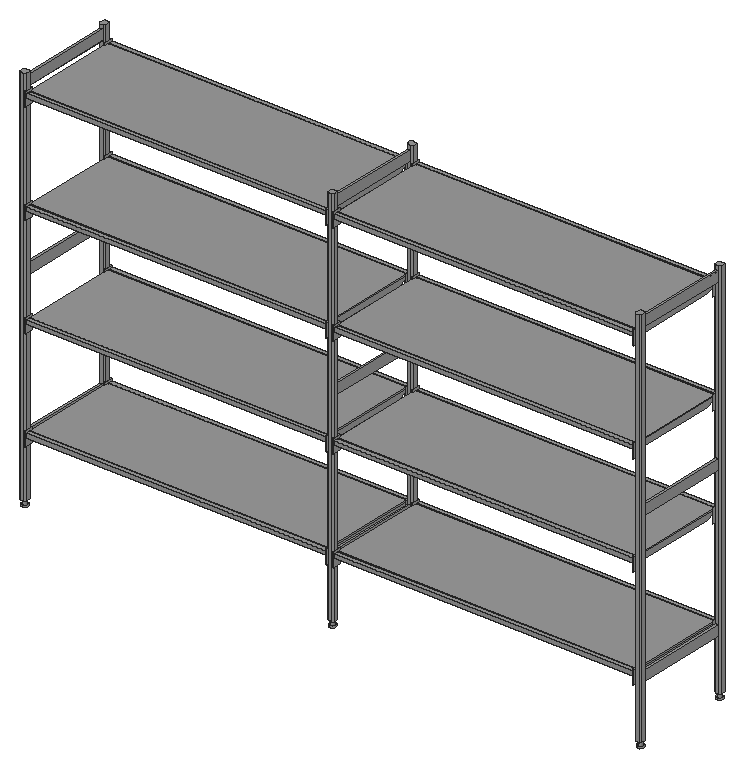
Revit family "QF_ZANUSSI_137048_BLS2760", category Attrezzature speciali, Revit 2020
Family settings
  Quota connettore circolare = Usa diametro
  Tipo di parte = Normale
  Basato su piano di lavoro = No
  Sempre verticale = Sì
  Taglio con vuoti quando caricato = No
  Condiviso = No
  Punto di calcolo locali = No
Parameters (values of type "Standard")
  Weight = 44.00 kg
  Watts = 0 W
  Volts = 0 V
  URL Manufacturer = "http://www.zanussiprofessional.com"
  URL = "http://www.zanussiprofessional.com"
  Steam Supply Size = 0 mm
  Steam Supply Minimum Pressure = 0.0 Pa
  Steam Supply Maximum Pressure = 0.0 Pa
  Steam Consumption per Hour = 0
  Refrigeration Suction Line Size = 0.0 mm
  Refrigeration Liquid Line Size = 0.0 mm
  Refrigerant Compressor Remote = yes
  Prospetto di default = 0.0 mm
  Phase = 0
  Modello = "BLS2760"
  Produttore = "Zanussi"
  Length Actual = 2760.0 mm  # constant formula
  Item Number = "137048"
  Hot Water Size = 0 mm
  Height Actual = 1700.0 mm  # constant formula
  HP = "0 HP"
  Gas Size = 0 mm
  Gas KW = 0
  Gas Input Pressure = 0 W
  Direct Waste Size = 0 mm
  Descrizione = "ALUM.LINEAR SHELV.-POLY.TIERS-475X2760MM"
  Depth Actual = 475.0 mm  # constant formula
  Cycle = 0 Hz
  Condensate Return Size = 0 mm
  Compressed Air Volume = 0.0 L/s
  Compressed Air Size = 0 mm
  Compressed Air Pressure = 0.0 Pa
  Cold Water Size = 0 mm
  Accessory = yes
Reference planes
  plane 1: z = 0
  plane 2 "CenterLeft": x = -31
  plane 3 "LEFT": x = -417
  plane 4 "BACK": y = 23
  plane 5 "FRONT": y = -452
  plane 6 "TOP": z = 1700
  plane 7: x = -385
  plane 8: x = 945
  plane 9 "Center (Front/Back)": y = -214.5
  plane 10: y = -8.5
  plane 11: y = -420.5
  plane 12 "FEET": z = 25
  plane 13: z = 275
  plane 14: z = 725
  plane 15: z = 1175
  plane 16: z = 1625
  plane 17 "CXLeft": x = -403
  plane 18 "Center (Left/Right)": x = 963
  plane 19: y = 5.5
  plane 20 "CYBack": y = 5.5
  plane 21 "CYFront": y = -434.5
  plane 22 "RIGHT": x = 2343
  plane 23: x = 2311
  plane 24 "CXRight": x = 2329
  plane 25: x = 981
Forms (mm)
  Extrusion 1, solid, material "QF_Aluminum"
    sketch origin (-417, 0, -4.006) x (0, 1, 0) y (0, 0, 1)
      loop
        line (-12, 1637.003) -> (4, 1637.003) -> (4, 1655) -> (2.007, 1655) -> (2.007, 1648.501) -> (-431, 1648.501) -> (-431, 1655) -> (-433, 1655) -> (-433, 1637.003) -> (-417, 1637.003) -> (-383, 1625) -> (-46, 1625) -> (-12, 1637.003)
      loop
        line (-12, 1187.003) -> (4, 1187.003) -> (4, 1205) -> (2.007, 1205) -> (2.007, 1198.501) -> (-431, 1198.501) -> (-431, 1205) -> (-433, 1205) -> (-433, 1187.003) -> (-417, 1187.003) -> (-383, 1175) -> (-46, 1175) -> (-12, 1187.003)
      loop
        line (-12, 737.003) -> (4, 737.003) -> (4, 755) -> (2.007, 755) -> (2.007, 748.501) -> (-431, 748.501) -> (-431, 755) -> (-433, 755) -> (-433, 737.003) -> (-417, 737.003) -> (-383, 725) -> (-46, 725) -> (-12, 737.003)
      loop
        line (-12, 287.003) -> (4, 287.003) -> (4, 305) -> (2.007, 305) -> (2.007, 298.501) -> (-431, 298.501) -> (-431, 305) -> (-433, 305) -> (-433, 287.003) -> (-417, 287.003) -> (-383, 275) -> (-46, 275) -> (-12, 287.003)
    from 37 to 32
  Extrusion 2, solid, material "QF_Aluminum"
    sketch origin (-417, 0, 0) x (0, 1, 0) y (0, 0, 1)
      loop
        line (23, 246.005) -> (23, 307.993) -> (-12.993, 307.993) -> (-12.993, 246.005) -> (23, 246.005)
      loop
        line (-452, 246.005) -> (-416.007, 246.005) -> (-416.007, 307.993) -> (-452, 307.993) -> (-452, 246.005)
      loop
        line (23, 696.005) -> (23, 757.993) -> (-12.993, 757.993) -> (-12.993, 696.005) -> (23, 696.005)
      loop
        line (-452, 696.005) -> (-416.007, 696.005) -> (-416.007, 757.993) -> (-452, 757.993) -> (-452, 696.005)
      loop
        line (23, 1146.005) -> (23, 1207.993) -> (-12.993, 1207.993) -> (-12.993, 1146.005) -> (23, 1146.005)
      loop
        line (-452, 1146.005) -> (-416.007, 1146.005) -> (-416.007, 1207.993) -> (-452, 1207.993) -> (-452, 1146.005)
      loop
        line (23, 1596.005) -> (23, 1657.993) -> (-12.993, 1657.993) -> (-12.993, 1596.005) -> (23, 1596.005)
      loop
        line (-452, 1596.005) -> (-416.007, 1596.005) -> (-416.007, 1657.993) -> (-452, 1657.993) -> (-452, 1596.005)
    from 28 to 32
  Extrusion 3, solid, material "QF_Aluminum"
    sketch origin (-417, 0, 0) x (0, 1, 0) y (0, 0, 1)
      loop
        line (4, 1650.994) -> (4, 1632.998) -> (23, 1632.998) -> (23, 1650.994) -> (4, 1650.994)
      loop
        line (-433, 1650.994) -> (-452, 1650.994) -> (-452, 1632.998) -> (-433, 1632.998) -> (-433, 1650.994)
      loop
        line (4, 1200.994) -> (4, 1182.998) -> (23, 1182.998) -> (23, 1200.994) -> (4, 1200.994)
      loop
        line (-433, 1200.994) -> (-452, 1200.994) -> (-452, 1182.998) -> (-433, 1182.998) -> (-433, 1200.994)
      loop
        line (4, 750.994) -> (4, 732.998) -> (23, 732.998) -> (23, 750.994) -> (4, 750.994)
      loop
        line (-433, 750.994) -> (-452, 750.994) -> (-452, 732.998) -> (-433, 732.998) -> (-433, 750.994)
      loop
        line (4, 300.994) -> (4, 282.998) -> (23, 282.998) -> (23, 300.994) -> (4, 300.994)
      loop
        line (-433, 300.994) -> (-452, 300.994) -> (-452, 282.998) -> (-433, 282.998) -> (-433, 300.994)
    from 32 to 1362
  Extrusion 4, solid, material "QF_Polyethylene"
    sketch origin (-417, 0, 0) x (0, 1, 0) y (0, 0, 1)
      loop
        line (2.007, 1650.994) -> (-431, 1650.994) -> (-431, 1644.496) -> (2.007, 1644.496) -> (2.007, 1650.994)
      loop
        line (2.007, 1200.994) -> (-431, 1200.994) -> (-431, 1194.496) -> (2.007, 1194.496) -> (2.007, 1200.994)
      loop
        line (2.007, 750.994) -> (-431, 750.994) -> (-431, 744.496) -> (2.007, 744.496) -> (2.007, 750.994)
      loop
        line (2.007, 300.994) -> (-431, 300.994) -> (-431, 294.496) -> (2.007, 294.496) -> (2.007, 300.994)
    from 32 to 1362
  Extrusion 5, solid, material "QF_Aluminum"
    sketch origin (2343, 0, 0) x (0, 1, 0) y (0, 0, 1)
      loop
        line (4, 1650.994) -> (4, 1632.998) -> (23, 1632.998) -> (23, 1650.994) -> (4, 1650.994)
      loop
        line (-433, 1650.994) -> (-452, 1650.994) -> (-452, 1632.998) -> (-433, 1632.998) -> (-433, 1650.994)
      loop
        line (4, 1200.994) -> (4, 1182.998) -> (23, 1182.998) -> (23, 1200.994) -> (4, 1200.994)
      loop
        line (-433, 1200.994) -> (-452, 1200.994) -> (-452, 1182.998) -> (-433, 1182.998) -> (-433, 1200.994)
      loop
        line (4, 750.994) -> (4, 732.998) -> (23, 732.998) -> (23, 750.994) -> (4, 750.994)
      loop
        line (-433, 750.994) -> (-452, 750.994) -> (-452, 732.998) -> (-433, 732.998) -> (-433, 750.994)
      loop
        line (4, 300.994) -> (4, 282.998) -> (23, 282.998) -> (23, 300.994) -> (4, 300.994)
      loop
        line (-433, 300.994) -> (-452, 300.994) -> (-452, 282.998) -> (-433, 282.998) -> (-433, 300.994)
    from -32 to -1362
  Extrusion 6, solid, material "QF_Polyethylene"
    sketch origin (2343, 0, 0) x (0, 1, 0) y (0, 0, 1)
      loop
        line (2.007, 1650.994) -> (-431, 1650.994) -> (-431, 1644.496) -> (2.007, 1644.496) -> (2.007, 1650.994)
      loop
        line (2.007, 1200.994) -> (-431, 1200.994) -> (-431, 1194.496) -> (2.007, 1194.496) -> (2.007, 1200.994)
      loop
        line (2.007, 750.994) -> (-431, 750.994) -> (-431, 744.496) -> (2.007, 744.496) -> (2.007, 750.994)
      loop
        line (2.007, 300.994) -> (-431, 300.994) -> (-431, 294.496) -> (2.007, 294.496) -> (2.007, 300.994)
    from -32 to -1362
Lines and regions (mm)
  symbolic lines
    curve 1: line (945, 4, 1700) -> (-385, 4, 1700)
    curve 2: line (-408, -8.5, 1700) -> (-408, -420.5, 1700)
    curve 3: line (-398, -420.5, 1700) -> (-398, -8.5, 1700)
    curve 4: line (-389, 23, 1700) -> (949, 23, 1700)
    curve 5: line (-385, -452, 1700) -> (945, -452, 1700)
    curve 6: line (977, 23, 1700) -> (2315, 23, 1700)
    curve 7: line (977, -452, 1700) -> (2315, -452, 1700)
    curve 8: line (-385, -433, 1700) -> (945, -433, 1700)
    curve 9: line (981, -433, 1700) -> (2311, -433, 1700)
    curve 10: line (981, 4, 1700) -> (2311, 4, 1700)
    curve 11: line (2311, -12.993, 1700) -> (2311, -416.007, 1700)
    curve 12: line (945, -12.993, 1700) -> (945, -416.007, 1700)
    curve 13: line (981, -416.007, 1700) -> (981, -12.993, 1700)
    curve 14: line (-385, -12.993, 1700) -> (-385, -416.007, 1700)
Dimensions and locks
  plane 3 "LEFT" to plane 2 "CenterLeft" = 386.0 mm
  locked: plane 6 "TOP" to level at 1700
  locked: plane 4 "BACK" to plane 5 "FRONT" at 475
  locked: plane 7 to plane 8 at 1330
  locked: plane 10 to plane 11 at 412
  equal spacing: plane 10, plane 9 "Center (Front/Back)", plane 11
  equal spacing: plane 4 "BACK", plane 9 "Center (Front/Back)", plane 5 "FRONT"
  plane 12 "FEET" to level = 25.0 mm
  plane 6 "TOP" to plane 12 "FEET" = 1675.0 mm
  plane 13 to plane 12 "FEET" = 250.0 mm
  plane 14 to plane 13 = 450.0 mm
  plane 15 to plane 14 = 450.0 mm
  plane 16 to plane 15 = 450.0 mm
  locked: plane 4 "BACK" to plane 20 "CYBack" at 17.5
  locked: plane 21 "CYFront" to plane 5 "FRONT" at 17.5
  locked: plane 4 "BACK" to Extrusion 1 at 19
  locked: Extrusion 1 to plane 5 "FRONT" at 19
  Extrusion 1 sketch curve to plane 21 "CYFront" = 3.5 mm
  plane 3 "LEFT" to plane 22 "RIGHT" = 2760.0 mm
  locked: plane 25 to plane 23 at 1330
  locked: plane 8 to plane 18 "Center (Left/Right)" at 18
  locked: plane 18 "Center (Left/Right)" to plane 25 at 18
  locked: plane 3 "LEFT" to plane 7 at 32
  locked: plane 24 "CXRight" to plane 22 "RIGHT" at 14
  aligned and locked: level to plane 1
  aligned and locked: plane 7 to Extrusion 1
  aligned and locked: Extrusion 2 to plane 7
  aligned and locked: plane 7 to Extrusion 4
  aligned and locked: Extrusion 4 to plane 8
  aligned and locked: plane 7 to Extrusion 3
  aligned and locked: Extrusion 3 to plane 8
  aligned and locked: Extrusion 3 sketch curve to Extrusion 1
  aligned and locked: Extrusion 1 to Extrusion 3 sketch curve
  aligned and locked: Extrusion 3 sketch curve to Extrusion 3 sketch curve  (x2)
  aligned and locked: Extrusion 1 sketch curve to Extrusion 1 sketch curve  (x3)
  aligned and locked: Extrusion 4 sketch curve to Extrusion 1  (x4)
  aligned and locked: Extrusion 5 sketch curve to Extrusion 5 sketch curve  (x2)
  aligned and locked: Extrusion 5 to plane 25
  aligned and locked: Extrusion 6 to plane 25
  aligned and locked: nested 3 to plane 18 "Center (Left/Right)"
  aligned and locked: nested 1 to plane 17 "CXLeft"
  aligned and locked: Extrusion 3 to plane 7  (x3)
  aligned and locked: plane 8 to Extrusion 3  (x4)
  aligned and locked: plane 25 to Extrusion 5  (x4)
  aligned and locked: plane 25 to Extrusion 6  (x4)
  aligned and locked: plane 8 to Extrusion 4  (x4)
  aligned and locked: nested 2 to plane 24 "CXRight"
  aligned and locked: Extrusion 5 to plane 23
  aligned and locked: Extrusion 6 to plane 23
  aligned and locked: plane 23 to Extrusion 5  (x3)
  aligned and locked: plane 23 to Extrusion 6  (x3)
Automatic sketch dimensions
  plane 21 "CYFront" to Extrusion 1 sketch curve = 1.5 mm  (x4)
  plane 11 to Extrusion 1 sketch curve = 3.5 mm  (x4)
  Extrusion 1 sketch curve to plane 13 = 4.006 mm
  Extrusion 1 sketch curve to Extrusion 1 sketch curve = 34.0 mm  (x4)
  Extrusion 1 sketch curve to plane 14 = 4.006 mm
  Extrusion 1 sketch curve to plane 15 = 4.006 mm
  Extrusion 1 sketch curve to plane 16 = 4.006 mm
  Extrusion 1 sketch curve to plane 10 = 37.5 mm  (x4)
  Extrusion 1 sketch curve to plane 10 = 3.5 mm  (x4)
  plane 19 to Extrusion 1 sketch curve = 3.493 mm  (x4)
  plane 19 to Extrusion 1 sketch curve = 1.5 mm  (x4)
  plane 13 to Extrusion 1 sketch curve = 7.998 mm  (x2)
  Extrusion 1 sketch curve to Extrusion 1 sketch curve = 11.498 mm  (x4)
  Extrusion 1 sketch curve to Extrusion 1 sketch curve = 6.499 mm  (x8)
  plane 14 to Extrusion 1 sketch curve = 7.998 mm  (x2)
  plane 15 to Extrusion 1 sketch curve = 7.998 mm  (x2)
  plane 16 to Extrusion 1 sketch curve = 7.998 mm  (x2)
  Extrusion 2 sketch curve to plane 5 "FRONT" = 0.0 mm  (x4)
  Extrusion 2 sketch curve to plane 4 "BACK" = 0.0 mm  (x4)
  plane 11 to Extrusion 2 sketch curve = 4.493 mm  (x4)
  Extrusion 2 sketch curve to plane 10 = 4.493 mm  (x4)
  Extrusion 2 sketch curve to plane 13 = 28.995 mm  (x2)
  plane 13 to Extrusion 2 sketch curve = 32.993 mm  (x2)
  Extrusion 2 sketch curve to plane 14 = 28.995 mm  (x2)
  plane 14 to Extrusion 2 sketch curve = 32.993 mm  (x2)
  Extrusion 2 sketch curve to plane 15 = 28.995 mm  (x2)
  plane 15 to Extrusion 2 sketch curve = 32.993 mm  (x2)
  Extrusion 2 sketch curve to plane 16 = 28.995 mm  (x2)
  plane 16 to Extrusion 2 sketch curve = 32.993 mm  (x2)
  Extrusion 3 sketch curve to plane 5 "FRONT" = 0.0 mm  (x4)
  Extrusion 3 sketch curve to plane 4 "BACK" = 0.0 mm  (x4)
  plane 19 to Extrusion 3 sketch curve = 1.5 mm  (x4)
  plane 13 to Extrusion 3 sketch curve = 7.998 mm  (x2)
  Extrusion 3 sketch curve to Extrusion 3 sketch curve = 17.997 mm  (x8)
  plane 14 to Extrusion 3 sketch curve = 7.998 mm  (x2)
  plane 15 to Extrusion 3 sketch curve = 7.998 mm  (x2)
  plane 16 to Extrusion 3 sketch curve = 7.998 mm  (x2)
  plane 19 to Extrusion 4 sketch curve = 3.493 mm  (x4)
  plane 13 to Extrusion 4 sketch curve = 19.496 mm
  Extrusion 4 sketch curve to Extrusion 4 sketch curve = 6.499 mm  (x4)
  plane 14 to Extrusion 4 sketch curve = 19.496 mm
  plane 15 to Extrusion 4 sketch curve = 19.496 mm
  plane 16 to Extrusion 4 sketch curve = 19.496 mm
  Extrusion 5 sketch curve to plane 5 "FRONT" = 0.0 mm  (x4)
  Extrusion 5 sketch curve to plane 4 "BACK" = 0.0 mm  (x4)
  plane 21 "CYFront" to Extrusion 5 sketch curve = 1.5 mm  (x2)
  plane 19 to Extrusion 5 sketch curve = 1.5 mm  (x4)
  plane 13 to Extrusion 5 sketch curve = 7.998 mm  (x2)
  Extrusion 5 sketch curve to Extrusion 5 sketch curve = 17.997 mm  (x8)
  plane 14 to Extrusion 5 sketch curve = 7.998 mm  (x2)
  plane 15 to Extrusion 5 sketch curve = 7.998 mm  (x2)
  plane 16 to Extrusion 5 sketch curve = 7.998 mm  (x2)
  plane 21 "CYFront" to Extrusion 6 sketch curve = 3.5 mm  (x4)
  plane 19 to Extrusion 6 sketch curve = 3.493 mm  (x4)
  plane 13 to Extrusion 6 sketch curve = 19.496 mm
  Extrusion 6 sketch curve to Extrusion 6 sketch curve = 6.499 mm  (x4)
  plane 14 to Extrusion 6 sketch curve = 19.496 mm
  plane 15 to Extrusion 6 sketch curve = 19.496 mm
  plane 16 to Extrusion 6 sketch curve = 19.496 mm
  curve 7 to plane 5 "FRONT" = 0.0 mm
  curve 5 to plane 5 "FRONT" = 0.0 mm
  curve 8 to plane 8 = 0.0 mm
  curve 9 to plane 25 = 0.0 mm
  curve 9 to plane 23 = 0.0 mm
  curve 8 to plane 7 = 0.0 mm
  curve 2 to plane 11 = 0.0 mm
  curve 3 to plane 11 = 0.0 mm
  curve 14 to plane 7 = 0.0 mm
  curve 13 to plane 25 = 0.0 mm
  curve 12 to plane 8 = 0.0 mm
  curve 11 to plane 23 = 0.0 mm
  curve 3 to plane 10 = 0.0 mm
  curve 2 to plane 10 = 0.0 mm
  curve 1 to plane 8 = 0.0 mm
  curve 1 to plane 7 = 0.0 mm
  curve 10 to plane 23 = 0.0 mm
  curve 10 to plane 25 = 0.0 mm
  curve 4 to plane 4 "BACK" = 0.0 mm
  curve 6 to plane 4 "BACK" = 0.0 mm
  curve 5 to plane 8 = 0.0 mm
  curve 5 to plane 7 = 0.0 mm
  plane 21 "CYFront" to curve 8 = 1.5 mm
  plane 21 "CYFront" to curve 9 = 1.5 mm
  plane 11 to curve 14 = 4.493 mm
  plane 11 to curve 13 = 4.493 mm
  plane 11 to curve 12 = 4.493 mm
  plane 11 to curve 11 = 4.493 mm
  curve 14 to plane 10 = 4.493 mm
  curve 13 to plane 10 = 4.493 mm
  curve 12 to plane 10 = 4.493 mm
  curve 11 to plane 10 = 4.493 mm
  plane 19 to curve 1 = 1.5 mm
  plane 19 to curve 10 = 1.5 mm
  curve 6 to plane 23 = 4.0 mm
  curve 7 to plane 23 = 4.0 mm
  curve 6 to plane 25 = 4.0 mm
  curve 7 to plane 25 = 4.0 mm
  curve 4 to plane 8 = 4.0 mm
  plane 7 to curve 4 = 4.0 mm
  plane 17 "CXLeft" to curve 3 = 5.0 mm
  curve 2 to plane 17 "CXLeft" = 5.0 mm
Nested families
  nested 1: "WT_Anta475" at (0, 0, 0), type "WT_Anta475"
  nested 2: "WT_Anta475" at (1926, 0, 0) x (-1, 0, 0) z (0, 0, 1), type "WT_Anta475"
  nested 3: "WT_Anta475Center" at (1366, 0, 0), type "WT_Anta475Center"
Definition of nested family "WT_Anta475"
  Parameters
    WidthLeft = A + 64.0 mm  # 772.0 mm
    Width = 1606.0 mm
    Right = WidthLeft / 2  # 386.0 mm
    Default Elevation = 0.0 mm
    Left = -WidthLeft / 2  # -386.0 mm
    Height = 1725.0 mm
    FEET = 25.0 mm
    E = 0.0 mm
    Dint = Depth - 63.0 mm  # 412.0 mm
    Dext = Depth - 8.0 mm  # 467.0 mm
    Depth = 475.0 mm
    DX = (WidthLeft - A) / 2  # 32.0 mm
    B = 798.0 mm
    A = 708.0 mm
  Reference planes
    plane 1: z = 0
    plane 2 "LEFT": x = -417
    plane 3 "BACK": y = 23
    plane 4 "FRONT": y = -452
    plane 5 "TOP": z = 1725
    plane 6 "Center (Front/Back)": y = -214.5
    plane 7: y = -8.5
    plane 8: y = -420.5
    plane 9 "FEET": z = 25
    plane 10: z = 275
    plane 11: z = 725
    plane 12: z = 1175
    plane 13: z = 1625
    plane 14 "CXLeft": x = -403
    plane 15: y = 5.5
    plane 16 "CYBack": y = 5.5
    plane 17 "CYFront": y = -434.5
    plane 18: x = -385.031
    plane 19: x = -380.031
  Forms (mm)
    Extrusion 1, solid
      sketch origin (0, 0, 0) x (1, 0, 0) y (0, 1, 0)
        loop
          line (-417, 13.246) -> (-417, -2.246) -> (-410.746, -8.5) -> (-395.254, -8.5) -> (-389, -2.246) -> (-389, 13.246) -> (-395.254, 19.5) -> (-410.746, 19.5) -> (-417, 13.246)
      from 1725 to 25
    Extrusion 2, solid
      sketch origin (-417, 0, 0) x (0, 1, 0) y (0, 0, 1)
        loop
          line (23, 246.005) -> (23, 307.993) -> (-12.993, 307.993) -> (-12.993, 246.005) -> (23, 246.005)
        loop
          line (-452, 246.005) -> (-416.007, 246.005) -> (-416.007, 307.993) -> (-452, 307.993) -> (-452, 246.005)
        loop
          line (23, 696.005) -> (23, 757.993) -> (-12.993, 757.993) -> (-12.993, 696.005) -> (23, 696.005)
        loop
          line (-452, 696.005) -> (-416.007, 696.005) -> (-416.007, 757.993) -> (-452, 757.993) -> (-452, 696.005)
        loop
          line (23, 1146.005) -> (23, 1207.993) -> (-12.993, 1207.993) -> (-12.993, 1146.005) -> (23, 1146.005)
        loop
          line (-452, 1146.005) -> (-416.007, 1146.005) -> (-416.007, 1207.993) -> (-452, 1207.993) -> (-452, 1146.005)
        loop
          line (23, 1596.005) -> (23, 1657.993) -> (-12.993, 1657.993) -> (-12.993, 1596.005) -> (23, 1596.005)
        loop
          line (-452, 1596.005) -> (-416.007, 1596.005) -> (-416.007, 1657.993) -> (-452, 1657.993) -> (-452, 1596.005)
      from 28 to 32
    Revolve 3, solid
      sketch origin (-403, 0, 0) x (0, 1, 0) y (0, 0, 1)
        loop
          line (5.5, 25) -> (5.5, 0) -> (19, 0) -> (19, 5) -> (14, 5) -> (14, 25) -> (5.5, 25)
        axis (5.5, 25) -> (5.5, 0)
      angle from 0 to 360
    Extrusion 4, solid
      sketch origin (-403, 0, 0) x (0, 1, 0) y (0, 0, 1)
        loop
          line (-8.5, 912.382) -> (-8.5, 957.374) -> (-420.5, 957.374) -> (-420.5, 912.382) -> (-8.5, 912.382)
        loop
          line (-8.5, 1662.244) -> (-8.5, 1707.236) -> (-420.5, 1707.236) -> (-420.5, 1662.244) -> (-8.5, 1662.244)
      from -5 to 5
    Revolve 5, solid
      sketch origin (-403, -627, 0) x (0, -1, 0) y (0, 0, 1)
        loop
          line (-192.5, 25) -> (-192.5, 0) -> (-179, 0) -> (-179, 5) -> (-184, 5) -> (-184, 25) -> (-192.5, 25)
        axis (-192.5, 25) -> (-192.5, 0)
      angle from 0 to 360
    Extrusion 6, solid
      sketch origin (0, -627, 0) x (1, 0, 0) y (0, 1, 0)
        loop
          line (-417, 184.754) -> (-410.746, 178.5) -> (-395.254, 178.5) -> (-389, 184.754) -> (-389, 200.246) -> (-395.254, 206.5) -> (-410.746, 206.5) -> (-417, 200.246) -> (-417, 184.754)
      from 1725 to 25
    Extrusion 7, solid
      sketch origin (-417.031, -0.022, 0) x (0, 1, 0) y (0, 0, -1)
        loop
          line (-12, -1632.998) -> (-46, -1620.994) -> (-383, -1620.994) -> (-417, -1632.998) -> (-433, -1632.998) -> (-433, -1650.994) -> (-431, -1650.994) -> (-431, -1644.496) -> (2.007, -1644.496) -> (2.007, -1650.994) -> (4, -1650.994) -> (4, -1632.998) -> (-12, -1632.998)
        loop
          line (-12, -1182.998) -> (-46, -1170.994) -> (-383, -1170.994) -> (-417, -1182.998) -> (-433, -1182.998) -> (-433, -1200.994) -> (-431, -1200.994) -> (-431, -1194.496) -> (2.007, -1194.496) -> (2.007, -1200.994) -> (4, -1200.994) -> (4, -1182.998) -> (-12, -1182.998)
        loop
          line (-12, -732.998) -> (-46, -720.994) -> (-383, -720.994) -> (-417, -732.998) -> (-433, -732.998) -> (-433, -750.994) -> (-431, -750.994) -> (-431, -744.496) -> (2.007, -744.496) -> (2.007, -750.994) -> (4, -750.994) -> (4, -732.998) -> (-12, -732.998)
        loop
          line (-12, -282.998) -> (-46, -270.994) -> (-383, -270.994) -> (-417, -282.998) -> (-433, -282.998) -> (-433, -300.994) -> (-431, -300.994) -> (-431, -294.496) -> (2.007, -294.496) -> (2.007, -300.994) -> (4, -300.994) -> (4, -282.998) -> (-12, -282.998)
      from -32 to -37
    Extrusion 8, solid
      sketch origin (-403, 0, -659.878) x (0, 1, 0) y (0, 0, 1)
        loop
          line (-8.5, 912.382) -> (-8.5, 957.374) -> (-420.5, 957.374) -> (-420.5, 912.382) -> (-8.5, 912.382)
        loop
          line (-8.5, 1572.382) -> (-8.5, 1617.374) -> (-420.5, 1617.374) -> (-420.5, 1572.382) -> (-8.5, 1572.382)
        loop
          line (-8.5, 2322.382) -> (-8.5, 2367.374) -> (-420.5, 2367.374) -> (-420.5, 2322.382) -> (-8.5, 2322.382)
      from -5 to 5
  Lines and regions (mm)
    symbolic lines
      curve 1: line (-408, -8.5, 1725) -> (-408, -420.5, 1725)
      curve 2: line (-398, -420.5, 1725) -> (-398, -8.5, 1725)
      curve 3: line (-395.254, -8.5, 1725) -> (-410.746, -8.5, 1725)
      curve 4: line (-417, -2.246, 1725) -> (-410.746, -8.5, 1725)
      curve 5: line (-417, 13.246, 1725) -> (-417, -2.246, 1725)
      curve 6: line (-410.746, 19.5, 1725) -> (-417, 13.246, 1725)
      curve 7: line (-395.254, 19.5, 1725) -> (-410.746, 19.5, 1725)
      curve 8: line (-389, 13.246, 1725) -> (-395.254, 19.5, 1725)
      curve 9: line (-395.254, -8.5, 1725) -> (-389, -2.246, 1725)
      curve 10: line (-395.254, -420.5, 1725) -> (-410.746, -420.5, 1725)
      curve 11: line (-417, -426.754, 1725) -> (-410.746, -420.5, 1725)
      curve 12: line (-410.746, -448.5, 1725) -> (-417, -442.246, 1725)
      curve 13: line (-395.254, -448.5, 1725) -> (-410.746, -448.5, 1725)
      curve 14: line (-389, -442.246, 1725) -> (-395.254, -448.5, 1725)
      curve 15: line (-395.254, -420.5, 1725) -> (-389, -426.754, 1725)
      curve 16: line (-389, -452, 1725) -> (-389, -416.007, 1725)
      curve 17: line (-389, -416.007, 1725) -> (-385, -416.007, 1725)
      curve 18: line (-389, 23, 1725) -> (-389, -12.993, 1725)
      curve 19: line (-389, -12.993, 1725) -> (-385, -12.993, 1725)
      curve 20: line (-417, -426.754, 1725) -> (-417, -442.246, 1725)
      curve 21: line (-385, -452, 1725) -> (-385, -416.007, 1725)
      curve 22: line (-385, -452, 1725) -> (-389, -452, 1725)
      curve 23: line (-385, 23, 1725) -> (-389, 23, 1725)
      curve 24: line (-385, -12.993, 1725) -> (-385, 23, 1725)
      curve 25: line (-385.031, -13.016, 1725) -> (-385.031, -416.029, 1725)
  Dimensions and locks
    "Height": plane 5 "TOP" to level
    "Depth": plane 3 "BACK" to plane 4 "FRONT"
    "Dint": plane 7 to plane 8
    equal spacing: plane 7, plane 6 "Center (Front/Back)", plane 8
    equal spacing: plane 3 "BACK", plane 6 "Center (Front/Back)", plane 4 "FRONT"
    plane 9 "FEET" to level = 25.0 mm
    plane 5 "TOP" to plane 9 "FEET" = 1700.0 mm
    plane 10 to plane 9 "FEET" = 250.0 mm
    plane 11 to plane 10 = 450.0 mm
    plane 12 to plane 11 = 450.0 mm
    plane 13 to plane 12 = 450.0 mm
    locked: plane 2 "LEFT" to plane 14 "CXLeft" at 14
    locked: plane 3 "BACK" to plane 16 "CYBack" at 17.5
    locked: plane 17 "CYFront" to plane 4 "FRONT" at 17.5
    locked: Revolve 3 sketch curve to Revolve 3 sketch curve at 8.5
    locked: Revolve 3 sketch curve to plane 16 "CYBack" at 13.5
    locked: Revolve 5 sketch curve to Revolve 5 sketch curve at 8.5
    aligned and locked: level to plane 1
    aligned and locked: curve 20 to Extrusion 6
    aligned and locked: plane 5 "TOP" to Extrusion 1
    aligned and locked: plane 5 "TOP" to Extrusion 6
    aligned and locked: Extrusion 7 sketch curve to Extrusion 7 sketch curve  (x3)
  Automatic sketch dimensions
    curve 16 to plane 4 "FRONT" = 0.0 mm
    curve 11 to plane 8 = 0.0 mm
    curve 9 to plane 7 = 0.0 mm
    curve 5 to plane 2 "LEFT" = 0.0 mm
    curve 23 to plane 3 "BACK" = 0.0 mm
    plane 4 "FRONT" to curve 13 = 3.5 mm
    curve 20 to plane 17 "CYFront" = 7.746 mm
    curve 20 to plane 8 = 6.254 mm
    plane 8 to curve 16 = 4.493 mm
    curve 24 to plane 18 = 0.031 mm
    curve 24 to plane 7 = 4.493 mm
    plane 7 to curve 5 = 6.254 mm
    curve 5 to plane 15 = 7.746 mm
    curve 6 to plane 3 "BACK" = 3.5 mm
    curve 21 to plane 18 = 0.031 mm
    plane 18 to curve 23 = 3.969 mm
    plane 18 to curve 16 = 3.969 mm
    curve 18 to curve 8 = 6.254 mm
    curve 18 to curve 3 = 6.254 mm
    curve 16 to curve 13 = 6.254 mm
    curve 16 to curve 15 = 6.254 mm
    plane 2 "LEFT" to curve 10 = 6.254 mm
    plane 2 "LEFT" to curve 7 = 6.254 mm
    plane 2 "LEFT" to curve 12 = 6.254 mm
    plane 2 "LEFT" to curve 3 = 6.254 mm
    curve 14 to plane 17 "CYFront" = 7.746 mm
    curve 15 to plane 8 = 6.254 mm
    plane 7 to curve 9 = 6.254 mm
    curve 8 to plane 15 = 7.746 mm
    curve 3 to curve 2 = 2.746 mm
    curve 1 to curve 10 = 2.746 mm
    Extrusion 1 sketch curve to plane 2 "LEFT" = 0.0 mm
    Extrusion 1 sketch curve to plane 7 = 0.0 mm
    plane 2 "LEFT" to Extrusion 1 sketch curve = 6.254 mm  (x2)
    plane 14 "CXLeft" to Extrusion 1 sketch curve = 7.746 mm  (x2)
    Extrusion 1 sketch curve to plane 3 "BACK" = 3.5 mm
    plane 18 to Extrusion 1 sketch curve = 3.969 mm
    plane 7 to Extrusion 1 sketch curve = 6.254 mm  (x2)
    Extrusion 1 sketch curve to plane 15 = 7.746 mm  (x2)
    Extrusion 2 sketch curve to plane 4 "FRONT" = 0.0 mm  (x4)
    Extrusion 2 sketch curve to plane 3 "BACK" = 0.0 mm  (x4)
    plane 8 to Extrusion 2 sketch curve = 4.493 mm  (x4)
    Extrusion 2 sketch curve to plane 7 = 4.493 mm  (x4)
    Extrusion 2 sketch curve to plane 10 = 28.995 mm  (x2)
    plane 10 to Extrusion 2 sketch curve = 32.993 mm  (x2)
    Extrusion 2 sketch curve to plane 11 = 28.995 mm  (x2)
    plane 11 to Extrusion 2 sketch curve = 32.993 mm  (x2)
    Extrusion 2 sketch curve to plane 12 = 28.995 mm  (x2)
    plane 12 to Extrusion 2 sketch curve = 32.993 mm  (x2)
    Extrusion 2 sketch curve to plane 13 = 28.995 mm  (x2)
    plane 13 to Extrusion 2 sketch curve = 32.993 mm  (x2)
    Revolve 3 sketch curve to plane 9 "FEET" = 0.0 mm  (x2)
    Revolve 3 sketch curve to plane 15 = 0.0 mm  (x2)
    Revolve 3 sketch curve to level = 0.0 mm
    level to Revolve 3 sketch curve = 5.0 mm
    Revolve 3 sketch curve to Revolve 3 sketch curve = 11.655 mm
    Extrusion 4 sketch curve to plane 8 = 0.0 mm  (x2)
    Extrusion 4 sketch curve to plane 7 = 0.0 mm  (x2)
    plane 11 to Extrusion 4 sketch curve = 187.382 mm
    Extrusion 4 sketch curve to Extrusion 4 sketch curve = 44.992 mm
    plane 13 to Extrusion 4 sketch curve = 37.244 mm
    Extrusion 4 sketch curve to plane 5 "TOP" = 17.764 mm
    Revolve 5 sketch curve to plane 9 "FEET" = 0.0 mm  (x2)
    Revolve 5 sketch curve to plane 17 "CYFront" = 0.0 mm  (x2)
    Revolve 5 sketch curve to level = 0.0 mm
    Revolve 5 sketch curve to plane 4 "FRONT" = 4.0 mm
    Revolve 5 sketch curve to Revolve 5 sketch curve = 5.0 mm
    level to Revolve 5 sketch curve = 11.655 mm
    Extrusion 6 sketch curve to plane 2 "LEFT" = 0.0 mm
    Extrusion 6 sketch curve to plane 8 = 0.0 mm
    Extrusion 6 sketch curve to plane 2 "LEFT" = 6.254 mm  (x2)
    Extrusion 6 sketch curve to plane 14 "CXLeft" = 7.746 mm  (x2)
    Extrusion 6 sketch curve to plane 4 "FRONT" = 3.5 mm
    Extrusion 6 sketch curve to plane 18 = 3.969 mm
    plane 8 to Extrusion 6 sketch curve = 6.254 mm  (x2)
    plane 17 "CYFront" to Extrusion 6 sketch curve = 7.746 mm  (x2)
    plane 17 "CYFront" to Extrusion 7 sketch curve = 1.478 mm  (x4)
    Extrusion 7 sketch curve to Extrusion 7 sketch curve = 2.0 mm
    plane 8 to Extrusion 7 sketch curve = 3.478 mm  (x4)
    Extrusion 7 sketch curve to plane 10 = 4.006 mm
    Extrusion 7 sketch curve to Extrusion 7 sketch curve = 34.0 mm  (x4)
    Extrusion 7 sketch curve to plane 11 = 4.006 mm
    Extrusion 7 sketch curve to plane 12 = 4.006 mm
    Extrusion 7 sketch curve to plane 13 = 4.006 mm
    Extrusion 7 sketch curve to plane 7 = 37.522 mm  (x4)
    Extrusion 7 sketch curve to plane 7 = 3.522 mm  (x4)
    plane 15 to Extrusion 7 sketch curve = 3.516 mm  (x4)
    plane 15 to Extrusion 7 sketch curve = 1.522 mm  (x4)
    plane 13 to Extrusion 7 sketch curve = 7.998 mm  (x2)
    Extrusion 7 sketch curve to Extrusion 7 sketch curve = 11.498 mm
    Extrusion 7 sketch curve to Extrusion 7 sketch curve = 6.499 mm  (x5)
    plane 12 to Extrusion 7 sketch curve = 25.994 mm  (x2)
    plane 12 to Extrusion 7 sketch curve = 7.998 mm  (x2)
    plane 11 to Extrusion 7 sketch curve = 25.994 mm  (x2)
    plane 11 to Extrusion 7 sketch curve = 7.998 mm  (x2)
    plane 10 to Extrusion 7 sketch curve = 25.994 mm  (x2)
    plane 10 to Extrusion 7 sketch curve = 7.998 mm  (x2)
    curve 25 to plane 18 = 0.0 mm
    plane 8 to curve 25 = 4.471 mm
    curve 25 to plane 7 = 4.516 mm
    Extrusion 8 sketch curve to plane 8 = 0.0 mm  (x3)
    Extrusion 8 sketch curve to plane 7 = 0.0 mm  (x3)
    Extrusion 8 sketch curve to plane 10 = 22.496 mm
    plane 10 to Extrusion 8 sketch curve = 22.496 mm
    plane 11 to Extrusion 8 sketch curve = 187.504 mm
    Extrusion 8 sketch curve to Extrusion 8 sketch curve = 44.992 mm
    plane 13 to Extrusion 8 sketch curve = 37.504 mm
    Extrusion 8 sketch curve to plane 5 "TOP" = 17.504 mm
Definition of nested family "WT_Anta475Center"
  Parameters
    WidthLeft = A + 64.0 mm  # 772.0 mm
    Width = 1606.0 mm
    Right = WidthLeft / 2  # 386.0 mm
    Default Elevation = 0.0 mm
    Left = -WidthLeft / 2  # -386.0 mm
    Height = 1725.0 mm
    FEET = 25.0 mm
    E = 0.0 mm
    Dint = Depth - 63.0 mm  # 412.0 mm
    Dext = Depth - 8.0 mm  # 467.0 mm
    Depth = 475.0 mm
    DX = (WidthLeft - A) / 2  # 32.0 mm
    B = 798.0 mm
    A = 708.0 mm
  Reference planes
    plane 1: z = 0
    plane 2 "L": x = -417
    plane 3 "BACK": y = 23
    plane 4 "FRONT": y = -452
    plane 5 "TOP": z = 1725
    plane 6 "Center (Front/Back)": y = -214.5
    plane 7: y = -8.5
    plane 8: y = -420.5
    plane 9 "FEET": z = 25
    plane 10: z = 275
    plane 11: z = 725
    plane 12: z = 1175
    plane 13: z = 1625
    plane 14 "CXLeft": x = -403
    plane 15: y = 5.5
    plane 16 "CYBack": y = 5.5
    plane 17 "CYFront": y = -434.5
    plane 18: x = -385.031
    plane 19 "RIGHT": x = -380.031
    plane 20: x = -420.969
    plane 21 "LEFT": x = -425.969
  Forms (mm)
    Extrusion 1, solid
      sketch origin (0, 0, 0) x (1, 0, 0) y (0, 1, 0)
        loop
          line (-417, 13.246) -> (-417, -2.246) -> (-410.746, -8.5) -> (-395.254, -8.5) -> (-389, -2.246) -> (-389, 13.246) -> (-395.254, 19.5) -> (-410.746, 19.5) -> (-417, 13.246)
      from 1725 to 25
    Extrusion 2, solid
      sketch origin (-417, 0, 0) x (0, 1, 0) y (0, 0, 1)
        loop
          line (23, 246.005) -> (23, 307.993) -> (-12.993, 307.993) -> (-12.993, 246.005) -> (23, 246.005)
        loop
          line (-452, 246.005) -> (-416.007, 246.005) -> (-416.007, 307.993) -> (-452, 307.993) -> (-452, 246.005)
        loop
          line (23, 696.005) -> (23, 757.993) -> (-12.993, 757.993) -> (-12.993, 696.005) -> (23, 696.005)
        loop
          line (-452, 696.005) -> (-416.007, 696.005) -> (-416.007, 757.993) -> (-452, 757.993) -> (-452, 696.005)
        loop
          line (23, 1146.005) -> (23, 1207.993) -> (-12.993, 1207.993) -> (-12.993, 1146.005) -> (23, 1146.005)
        loop
          line (-452, 1146.005) -> (-416.007, 1146.005) -> (-416.007, 1207.993) -> (-452, 1207.993) -> (-452, 1146.005)
        loop
          line (23, 1596.005) -> (23, 1657.993) -> (-12.993, 1657.993) -> (-12.993, 1596.005) -> (23, 1596.005)
        loop
          line (-452, 1596.005) -> (-416.007, 1596.005) -> (-416.007, 1657.993) -> (-452, 1657.993) -> (-452, 1596.005)
      from 28 to 32
    Revolve 3, solid
      sketch origin (-403, 0, 0) x (0, 1, 0) y (0, 0, 1)
        loop
          line (5.5, 25) -> (5.5, 0) -> (19, 0) -> (19, 5) -> (14, 5) -> (14, 25) -> (5.5, 25)
        axis (5.5, 25) -> (5.5, 0)
      angle from 0 to 360
    Extrusion 4, solid
      sketch origin (-403, 0, 0) x (0, 1, 0) y (0, 0, 1)
        loop
          line (-8.5, 912.382) -> (-8.5, 957.374) -> (-420.5, 957.374) -> (-420.5, 912.382) -> (-8.5, 912.382)
        loop
          line (-8.5, 1662.244) -> (-8.5, 1707.236) -> (-420.5, 1707.236) -> (-420.5, 1662.244) -> (-8.5, 1662.244)
      from -5 to 5
    Revolve 5, solid
      sketch origin (-403, -627, 0) x (0, -1, 0) y (0, 0, 1)
        loop
          line (-192.5, 25) -> (-192.5, 0) -> (-179, 0) -> (-179, 5) -> (-184, 5) -> (-184, 25) -> (-192.5, 25)
        axis (-192.5, 25) -> (-192.5, 0)
      angle from 0 to 360
    Extrusion 6, solid
      sketch origin (0, -627, 0) x (1, 0, 0) y (0, 1, 0)
        loop
          line (-417, 184.754) -> (-410.746, 178.5) -> (-395.254, 178.5) -> (-389, 184.754) -> (-389, 200.246) -> (-395.254, 206.5) -> (-410.746, 206.5) -> (-417, 200.246) -> (-417, 184.754)
      from 1725 to 25
    Extrusion 7, solid
      sketch origin (-417.031, -0.022, 0) x (0, 1, 0) y (0, 0, -1)
        loop
          line (-12, -1632.998) -> (-46, -1620.994) -> (-383, -1620.994) -> (-417, -1632.998) -> (-433, -1632.998) -> (-433, -1650.994) -> (-431, -1650.994) -> (-431, -1644.496) -> (2.007, -1644.496) -> (2.007, -1650.994) -> (4, -1650.994) -> (4, -1632.998) -> (-12, -1632.998)
        loop
          line (-12, -1182.998) -> (-46, -1170.994) -> (-383, -1170.994) -> (-417, -1182.998) -> (-433, -1182.998) -> (-433, -1200.994) -> (-431, -1200.994) -> (-431, -1194.496) -> (2.007, -1194.496) -> (2.007, -1200.994) -> (4, -1200.994) -> (4, -1182.998) -> (-12, -1182.998)
        loop
          line (-12, -732.998) -> (-46, -720.994) -> (-383, -720.994) -> (-417, -732.998) -> (-433, -732.998) -> (-433, -750.994) -> (-431, -750.994) -> (-431, -744.496) -> (2.007, -744.496) -> (2.007, -750.994) -> (4, -750.994) -> (4, -732.998) -> (-12, -732.998)
        loop
          line (-12, -282.998) -> (-46, -270.994) -> (-383, -270.994) -> (-417, -282.998) -> (-433, -282.998) -> (-433, -300.994) -> (-431, -300.994) -> (-431, -294.496) -> (2.007, -294.496) -> (2.007, -300.994) -> (4, -300.994) -> (4, -282.998) -> (-12, -282.998)
      from -32 to -37
    Extrusion 8, solid
      sketch origin (-403, 0, -659.878) x (0, 1, 0) y (0, 0, 1)
        loop
          line (-8.5, 912.382) -> (-8.5, 957.374) -> (-420.5, 957.374) -> (-420.5, 912.382) -> (-8.5, 912.382)
        loop
          line (-8.5, 1572.382) -> (-8.5, 1617.374) -> (-420.5, 1617.374) -> (-420.5, 1572.382) -> (-8.5, 1572.382)
        loop
          line (-8.5, 2322.382) -> (-8.5, 2367.374) -> (-420.5, 2367.374) -> (-420.5, 2322.382) -> (-8.5, 2322.382)
      from -5 to 5
    Extrusion 9, solid
      sketch origin (-389, 0, 0) x (0, 1, 0) y (0, 0, -1)
        loop
          line (23, -246.005) -> (-12.993, -246.005) -> (-12.993, -307.993) -> (23, -307.993) -> (23, -246.005)
        loop
          line (-452, -246.005) -> (-452, -307.993) -> (-416.007, -307.993) -> (-416.007, -246.005) -> (-452, -246.005)
        loop
          line (23, -696.005) -> (-12.993, -696.005) -> (-12.993, -757.993) -> (23, -757.993) -> (23, -696.005)
        loop
          line (-452, -696.005) -> (-452, -757.993) -> (-416.007, -757.993) -> (-416.007, -696.005) -> (-452, -696.005)
        loop
          line (23, -1146.005) -> (-12.993, -1146.005) -> (-12.993, -1207.993) -> (23, -1207.993) -> (23, -1146.005)
        loop
          line (-452, -1146.005) -> (-452, -1207.993) -> (-416.007, -1207.993) -> (-416.007, -1146.005) -> (-452, -1146.005)
        loop
          line (23, -1596.005) -> (-12.993, -1596.005) -> (-12.993, -1657.993) -> (23, -1657.993) -> (23, -1596.005)
        loop
          line (-452, -1596.005) -> (-452, -1657.993) -> (-416.007, -1657.993) -> (-416.007, -1596.005) -> (-452, -1596.005)
      from 28 to 32
    Extrusion 10, solid
      sketch origin (-388.969, -0.022, 0) x (0, 1, 0) y (0, 0, 1)
        loop
          line (-12, 1632.998) -> (4, 1632.998) -> (4, 1650.994) -> (2.007, 1650.994) -> (2.007, 1644.496) -> (-431, 1644.496) -> (-431, 1650.994) -> (-433, 1650.994) -> (-433, 1632.998) -> (-417, 1632.998) -> (-383, 1620.994) -> (-46, 1620.994) -> (-12, 1632.998)
        loop
          line (-12, 1182.998) -> (4, 1182.998) -> (4, 1200.994) -> (2.007, 1200.994) -> (2.007, 1194.496) -> (-431, 1194.496) -> (-431, 1200.994) -> (-433, 1200.994) -> (-433, 1182.998) -> (-417, 1182.998) -> (-383, 1170.994) -> (-46, 1170.994) -> (-12, 1182.998)
        loop
          line (-12, 732.998) -> (4, 732.998) -> (4, 750.994) -> (2.007, 750.994) -> (2.007, 744.496) -> (-431, 744.496) -> (-431, 750.994) -> (-433, 750.994) -> (-433, 732.998) -> (-417, 732.998) -> (-383, 720.994) -> (-46, 720.994) -> (-12, 732.998)
        loop
          line (-12, 282.998) -> (4, 282.998) -> (4, 300.994) -> (2.007, 300.994) -> (2.007, 294.496) -> (-431, 294.496) -> (-431, 300.994) -> (-433, 300.994) -> (-433, 282.998) -> (-417, 282.998) -> (-383, 270.994) -> (-46, 270.994) -> (-12, 282.998)
      from -32 to -37
  Lines and regions (mm)
    symbolic lines
      curve 1: line (-408, -8.5, 1725) -> (-408, -420.5, 1725)
      curve 2: line (-398, -420.5, 1725) -> (-398, -8.5, 1725)
      curve 3: line (-395.254, -8.5, 1725) -> (-410.746, -8.5, 1725)
      curve 4: line (-417, -2.246, 1725) -> (-410.746, -8.5, 1725)
      curve 5: line (-410.746, 19.5, 1725) -> (-417, 13.246, 1725)
      curve 6: line (-395.254, 19.5, 1725) -> (-410.746, 19.5, 1725)
      curve 7: line (-389, 13.246, 1725) -> (-395.254, 19.5, 1725)
      curve 8: line (-395.254, -8.5, 1725) -> (-389, -2.246, 1725)
      curve 9: line (-395.254, -420.5, 1725) -> (-410.746, -420.5, 1725)
      curve 10: line (-417, -426.754, 1725) -> (-410.746, -420.5, 1725)
      curve 11: line (-410.746, -448.5, 1725) -> (-417, -442.246, 1725)
      curve 12: line (-395.254, -448.5, 1725) -> (-410.746, -448.5, 1725)
      curve 13: line (-389, -442.246, 1725) -> (-395.254, -448.5, 1725)
      curve 14: line (-395.254, -420.5, 1725) -> (-389, -426.754, 1725)
      curve 15: line (-389, -452, 1725) -> (-389, -416.007, 1725)
      curve 16: line (-389, -416.007, 1725) -> (-385, -416.007, 1725)
      curve 17: line (-389, 23, 1725) -> (-389, -12.993, 1725)
      curve 18: line (-389, -12.993, 1725) -> (-385, -12.993, 1725)
      curve 19: line (-385, -452, 1725) -> (-385, -416.007, 1725)
      curve 20: line (-385, -452, 1725) -> (-389, -452, 1725)
      curve 21: line (-385, 23, 1725) -> (-389, 23, 1725)
      curve 22: line (-385, -12.993, 1725) -> (-385, 23, 1725)
      curve 23: line (-385.031, -13.016, 1725) -> (-385.031, -416.029, 1725)
      curve 24: line (-417, -452, 1725) -> (-417, -416.007, 1725)
      curve 25: line (-417, -416.007, 1725) -> (-421, -416.007, 1725)
      curve 26: line (-417, 23, 1725) -> (-417, -12.993, 1725)
      curve 27: line (-417, -12.993, 1725) -> (-421, -12.993, 1725)
      curve 28: line (-421, -452, 1725) -> (-421, -416.007, 1725)
      curve 29: line (-421, -452, 1725) -> (-417, -452, 1725)
      curve 30: line (-421, 23, 1725) -> (-417, 23, 1725)
      curve 31: line (-421, -12.993, 1725) -> (-421, 23, 1725)
      curve 32: line (-420.969, -13.016, 1725) -> (-420.969, -416.029, 1725)
  Dimensions and locks
    "Height": plane 5 "TOP" to level
    "Depth": plane 3 "BACK" to plane 4 "FRONT"
    "Dint": plane 7 to plane 8
    equal spacing: plane 7, plane 6 "Center (Front/Back)", plane 8
    equal spacing: plane 3 "BACK", plane 6 "Center (Front/Back)", plane 4 "FRONT"
    plane 9 "FEET" to level = 25.0 mm
    plane 5 "TOP" to plane 9 "FEET" = 1700.0 mm
    plane 10 to plane 9 "FEET" = 250.0 mm
    plane 11 to plane 10 = 450.0 mm
    plane 12 to plane 11 = 450.0 mm
    plane 13 to plane 12 = 450.0 mm
    locked: plane 3 "BACK" to plane 16 "CYBack" at 17.5
    locked: plane 17 "CYFront" to plane 4 "FRONT" at 17.5
    locked: Revolve 3 sketch curve to Revolve 3 sketch curve at 8.5
    locked: Revolve 3 sketch curve to plane 16 "CYBack" at 13.5
    locked: Revolve 5 sketch curve to Revolve 5 sketch curve at 8.5
    aligned and locked: level to plane 1
    aligned and locked: plane 5 "TOP" to Extrusion 1
    aligned and locked: plane 5 "TOP" to Extrusion 6
    aligned and locked: Extrusion 7 sketch curve to Extrusion 7 sketch curve  (x3)
    aligned and locked: Extrusion 10 sketch curve to Extrusion 10 sketch curve  (x3)
  Automatic sketch dimensions
    curve 15 to plane 4 "FRONT" = 0.0 mm
    curve 28 to plane 4 "FRONT" = 0.0 mm
    curve 9 to plane 8 = 0.0 mm
    curve 25 to plane 2 "L" = 0.0 mm
    curve 8 to plane 7 = 0.0 mm
    curve 17 to plane 3 "BACK" = 0.0 mm
    curve 30 to plane 3 "BACK" = 0.0 mm
    plane 4 "FRONT" to curve 11 = 3.5 mm
    curve 19 to plane 18 = 0.031 mm
    plane 8 to curve 19 = 4.493 mm
    plane 8 to curve 25 = 4.493 mm
    curve 27 to plane 20 = 0.031 mm
    curve 27 to plane 7 = 4.493 mm
    curve 17 to plane 7 = 4.493 mm
    curve 5 to plane 15 = 7.746 mm
    curve 7 to plane 3 "BACK" = 3.5 mm
    curve 18 to plane 18 = 0.031 mm
    plane 18 to curve 21 = 3.969 mm
    plane 18 to curve 20 = 3.969 mm
    curve 15 to curve 9 = 6.254 mm
    curve 17 to curve 7 = 6.254 mm
    curve 17 to curve 3 = 6.254 mm
    curve 15 to curve 12 = 6.254 mm
    plane 2 "L" to curve 12 = 6.254 mm
    plane 2 "L" to curve 4 = 6.254 mm
    plane 2 "L" to curve 10 = 6.254 mm
    plane 2 "L" to curve 5 = 6.254 mm
    curve 28 to plane 20 = 0.031 mm
    curve 13 to plane 17 "CYFront" = 7.746 mm
    curve 14 to plane 8 = 6.254 mm
    plane 7 to curve 8 = 6.254 mm
    curve 7 to plane 15 = 7.746 mm
    curve 9 to curve 2 = 2.746 mm
    curve 1 to curve 9 = 2.746 mm
    Extrusion 1 sketch curve to plane 2 "L" = 0.0 mm
    Extrusion 1 sketch curve to plane 7 = 0.0 mm
    plane 2 "L" to Extrusion 1 sketch curve = 6.254 mm  (x2)
    plane 14 "CXLeft" to Extrusion 1 sketch curve = 7.746 mm  (x2)
    Extrusion 1 sketch curve to plane 3 "BACK" = 3.5 mm
    plane 18 to Extrusion 1 sketch curve = 3.969 mm
    plane 7 to Extrusion 1 sketch curve = 6.254 mm  (x2)
    Extrusion 1 sketch curve to plane 15 = 7.746 mm  (x2)
    Extrusion 2 sketch curve to plane 4 "FRONT" = 0.0 mm  (x4)
    Extrusion 2 sketch curve to plane 3 "BACK" = 0.0 mm  (x4)
    plane 8 to Extrusion 2 sketch curve = 4.493 mm  (x4)
    Extrusion 2 sketch curve to plane 7 = 4.493 mm  (x4)
    Extrusion 2 sketch curve to plane 10 = 28.995 mm  (x2)
    plane 10 to Extrusion 2 sketch curve = 32.993 mm  (x2)
    Extrusion 2 sketch curve to plane 11 = 28.995 mm  (x2)
    plane 11 to Extrusion 2 sketch curve = 32.993 mm  (x2)
    Extrusion 2 sketch curve to plane 12 = 28.995 mm  (x2)
    plane 12 to Extrusion 2 sketch curve = 32.993 mm  (x2)
    Extrusion 2 sketch curve to plane 13 = 28.995 mm  (x2)
    plane 13 to Extrusion 2 sketch curve = 32.993 mm  (x2)
    Revolve 3 sketch curve to plane 9 "FEET" = 0.0 mm  (x2)
    Revolve 3 sketch curve to plane 15 = 0.0 mm  (x2)
    Revolve 3 sketch curve to level = 0.0 mm
    level to Revolve 3 sketch curve = 5.0 mm
    Revolve 3 sketch curve to Revolve 3 sketch curve = 11.655 mm
    Extrusion 4 sketch curve to plane 8 = 0.0 mm  (x2)
    Extrusion 4 sketch curve to plane 7 = 0.0 mm  (x2)
    plane 11 to Extrusion 4 sketch curve = 187.382 mm
    Extrusion 4 sketch curve to Extrusion 4 sketch curve = 44.992 mm
    plane 13 to Extrusion 4 sketch curve = 37.244 mm
    Extrusion 4 sketch curve to plane 5 "TOP" = 17.764 mm
    Revolve 5 sketch curve to plane 9 "FEET" = 0.0 mm  (x2)
    Revolve 5 sketch curve to plane 17 "CYFront" = 0.0 mm  (x2)
    Revolve 5 sketch curve to level = 0.0 mm
    Revolve 5 sketch curve to plane 4 "FRONT" = 4.0 mm
    Revolve 5 sketch curve to Revolve 5 sketch curve = 5.0 mm
    level to Revolve 5 sketch curve = 11.655 mm
    Extrusion 6 sketch curve to plane 2 "L" = 0.0 mm
    Extrusion 6 sketch curve to plane 8 = 0.0 mm
    Extrusion 6 sketch curve to plane 2 "L" = 6.254 mm  (x2)
    Extrusion 6 sketch curve to plane 14 "CXLeft" = 7.746 mm  (x2)
    Extrusion 6 sketch curve to plane 4 "FRONT" = 3.5 mm
    Extrusion 6 sketch curve to plane 18 = 3.969 mm
    plane 8 to Extrusion 6 sketch curve = 6.254 mm  (x2)
    plane 17 "CYFront" to Extrusion 6 sketch curve = 7.746 mm  (x2)
    plane 17 "CYFront" to Extrusion 7 sketch curve = 1.478 mm  (x4)
    Extrusion 7 sketch curve to Extrusion 7 sketch curve = 2.0 mm
    plane 8 to Extrusion 7 sketch curve = 3.478 mm  (x4)
    Extrusion 7 sketch curve to plane 10 = 4.006 mm
    Extrusion 7 sketch curve to Extrusion 7 sketch curve = 34.0 mm  (x4)
    Extrusion 7 sketch curve to plane 11 = 4.006 mm
    Extrusion 7 sketch curve to plane 12 = 4.006 mm
    Extrusion 7 sketch curve to plane 13 = 4.006 mm
    Extrusion 7 sketch curve to plane 7 = 37.522 mm  (x4)
    Extrusion 7 sketch curve to plane 7 = 3.522 mm  (x4)
    plane 15 to Extrusion 7 sketch curve = 3.516 mm  (x4)
    plane 15 to Extrusion 7 sketch curve = 1.522 mm  (x4)
    plane 13 to Extrusion 7 sketch curve = 7.998 mm  (x2)
    Extrusion 7 sketch curve to Extrusion 7 sketch curve = 11.498 mm
    Extrusion 7 sketch curve to Extrusion 7 sketch curve = 6.499 mm  (x5)
    plane 12 to Extrusion 7 sketch curve = 25.994 mm  (x2)
    plane 12 to Extrusion 7 sketch curve = 7.998 mm  (x2)
    plane 11 to Extrusion 7 sketch curve = 25.994 mm  (x2)
    plane 11 to Extrusion 7 sketch curve = 7.998 mm  (x2)
    plane 10 to Extrusion 7 sketch curve = 25.994 mm  (x2)
    plane 10 to Extrusion 7 sketch curve = 7.998 mm  (x2)
    curve 23 to plane 18 = 0.0 mm
    curve 32 to plane 20 = 0.0 mm
    plane 8 to curve 23 = 4.471 mm
    plane 8 to curve 32 = 4.471 mm
    curve 32 to plane 7 = 4.516 mm
    curve 23 to plane 7 = 4.516 mm
    Extrusion 8 sketch curve to plane 8 = 0.0 mm  (x3)
    Extrusion 8 sketch curve to plane 7 = 0.0 mm  (x3)
    Extrusion 8 sketch curve to plane 10 = 22.496 mm
    plane 10 to Extrusion 8 sketch curve = 22.496 mm
    plane 11 to Extrusion 8 sketch curve = 187.504 mm
    Extrusion 8 sketch curve to Extrusion 8 sketch curve = 44.992 mm
    plane 13 to Extrusion 8 sketch curve = 37.504 mm
    Extrusion 8 sketch curve to plane 5 "TOP" = 17.504 mm
    Extrusion 9 sketch curve to plane 4 "FRONT" = 0.0 mm  (x4)
    Extrusion 9 sketch curve to plane 3 "BACK" = 0.0 mm  (x4)
    plane 8 to Extrusion 9 sketch curve = 4.493 mm  (x4)
    Extrusion 9 sketch curve to plane 7 = 4.493 mm  (x4)
    plane 13 to Extrusion 9 sketch curve = 32.993 mm  (x2)
    Extrusion 9 sketch curve to plane 13 = 28.995 mm  (x2)
    plane 12 to Extrusion 9 sketch curve = 32.993 mm  (x2)
    Extrusion 9 sketch curve to plane 12 = 28.995 mm  (x2)
    plane 11 to Extrusion 9 sketch curve = 32.993 mm  (x2)
    Extrusion 9 sketch curve to plane 11 = 28.995 mm  (x2)
    plane 10 to Extrusion 9 sketch curve = 32.993 mm  (x2)
    Extrusion 9 sketch curve to plane 10 = 28.995 mm  (x2)
    plane 17 "CYFront" to Extrusion 10 sketch curve = 1.478 mm  (x4)
    Extrusion 10 sketch curve to Extrusion 10 sketch curve = 2.0 mm
    plane 8 to Extrusion 10 sketch curve = 3.478 mm  (x4)
    Extrusion 10 sketch curve to plane 10 = 4.006 mm
    Extrusion 10 sketch curve to Extrusion 10 sketch curve = 34.0 mm  (x4)
    Extrusion 10 sketch curve to plane 11 = 4.006 mm
    Extrusion 10 sketch curve to plane 12 = 4.006 mm
    Extrusion 10 sketch curve to plane 13 = 4.006 mm
    Extrusion 10 sketch curve to plane 7 = 37.522 mm  (x4)
    Extrusion 10 sketch curve to plane 7 = 3.522 mm  (x4)
    plane 15 to Extrusion 10 sketch curve = 3.516 mm  (x4)
    plane 15 to Extrusion 10 sketch curve = 1.522 mm  (x4)
    plane 10 to Extrusion 10 sketch curve = 7.998 mm  (x2)
    Extrusion 10 sketch curve to Extrusion 10 sketch curve = 11.498 mm  (x4)
    Extrusion 10 sketch curve to Extrusion 10 sketch curve = 6.499 mm  (x8)
    plane 11 to Extrusion 10 sketch curve = 7.998 mm  (x2)
    plane 12 to Extrusion 10 sketch curve = 7.998 mm  (x2)
    plane 13 to Extrusion 10 sketch curve = 7.998 mm  (x2)
    curve 4 to plane 2 "L" = 0.0 mm
    plane 7 to curve 4 = 6.254 mm
    curve 11 to plane 17 "CYFront" = 7.746 mm
    curve 10 to plane 8 = 6.254 mm
